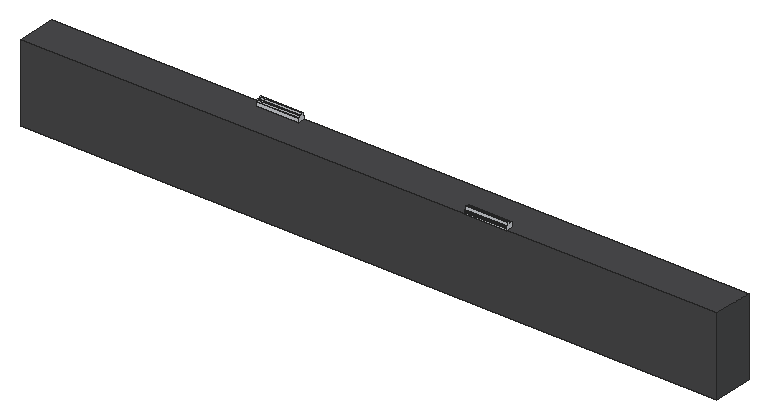
Revit family "DTM30W6.1.36", category Luminarias, Revit 2019
Family settings
  Cota de conector redondo = Diámetro de uso
  Tipo de pieza = Normal
  Se basa en plano de trabajo = Sí
  Siempre vertical = Sí
  Corte con vacíos al cargar = No
  Origen de luz = Sí
  Compartido = No
  Punto de cálculo de habitación = No
Parameters (values of type "RECTANGULAR DWN RIEL_DTM30W6.1.36")
  Ángulo de inclinación = 60.00°
  Zone [instance] = ""
  Watt per fixture = 15
  Wattage = 30.4 W
  built-in parameter 1150107 = 3000 (stored number, unit not read)
  built-in parameter 1150110 = 1 (stored number, unit not read)
  built-in parameter 1150109 = 1 (stored number, unit not read)
  built-in parameter 1150112 = 1 (stored number, unit not read)
  built-in parameter 1150113 = 1 (stored number, unit not read)
  built-in parameter 1114218 = 1 (stored number, unit not read)
  Keynote = ""
  built-in parameter 1150137 = (empty or 0)
  built-in parameter 1150132 = (empty or 0)
  Modelo = "DTM30W6.1.36"
  Lámpara = "3030SMD PHILIPS"
  built-in parameter 1150105 = 12785.8 (stored number, unit not read)
  built-in parameter 1150102 = (empty or 0)
  built-in parameter 1150106 = 127.86 (stored number, unit not read)
  Lumens = 2584 lm
  Color Filter = 16777215
  built-in parameter 1114217 = 1 (stored number, unit not read)
  built-in parameter 1150139 = (empty or 0)
  Fabricante = "BRILLANT"
  Default Elevation = 1219.2 mm
  built-in parameter 1150104 = 7.8968 (stored number, unit not read)
  Descripción = "LUMINARIA DOWNLIGHT EN FORMATO RECTANGULAR COMPATIBLE CON RIEL DE 6 ENTRADAS Y 3 CIRCUITOS, CUERPO DE ALUMINIO ACABADO EN COLOR NEGRO, IP 20, PESO 1.40Kg, TIPO DE LED 3030SMD PHILIPS CON 30.4W TOTAL, 1400 LUMENES, 85LM/W, IRC 90, TEMPERATURA EN BLANCO CALIDO 3000K, 50 MIL HORAS DE VIDA PROMEDIO, APERTURA DE 36 GRADOS POR PROYECTO, ALIMENTADO A 90-240V"
  built-in parameter 1150115 = 1 (stored number, unit not read)
  built-in parameter 1150114 = 1 (stored number, unit not read)
  Comentarios de vataje = "90-240V"
  built-in parameter 1150138 = (empty or 0)
  built-in parameter 1150134 = (empty or 0)
  Circuit [instance] = ""
  Dimming Lamp Color Temperature Shift = (empty or 0)
  Archivo de red fotométrica = "L646A-30W-830-B-36_IESNA95.IES"
  built-in parameter 1150133 = 10 (stored number, unit not read)
Reference planes
  plane 1 "Centro (Frontal/Posterior)": y = 0
  plane 2: z = 0
  plane 3 "Centro (Izquierda/Derecha)": x = 0
Forms (mm)
  Extrusion 1, solid, material "Default Form"
    sketch origin (0, 0, 0) x (1, 0, 0) y (0, 0, 1)
      loop
        line (-323, 0) -> (-323, -72) -> (323, -72) -> (323, 0) -> (-323, 0)
    from -18.326 to 18.326
  Extrusion 2, solid
    sketch origin (0, 0, 3.217) x (0, 1, 0) y (0, 0, 1)
      loop
        line (-12.149, -3.217) -> (-12.149, 0) -> (-12.935, 0) -> (-12.935, 1.637) -> (-13.796, 1.637) -> (-13.796, 0) -> (-14.582, 0) -> (-14.582, 0.811) -> (-15.443, 0.811) -> (-15.443, 0) -> (-16.233, 0) -> (-16.233, 2.691) -> (-17.279, 2.691) -> (-17.279, 0) -> (-18.061, 0) -> (-18.061, -0.861) -> (-17.162, -0.861) -> (-17.162, -2.042) -> (-18.326, -2.042) -> (-18.326, -3.217) -> (-12.149, -3.217)
    from 89.098 to 128.24
  Extrusion 3, solid
    sketch origin (0, 0, 3.217) x (0, -1, 0) y (0, 0, 1)
      loop
        line (-12.149, -3.217) -> (-12.149, 0) -> (-12.935, 0) -> (-12.935, 1.637) -> (-13.796, 1.637) -> (-13.796, 0) -> (-14.582, 0) -> (-14.582, 0.811) -> (-15.443, 0.811) -> (-15.443, 0) -> (-16.233, 0) -> (-16.233, 2.691) -> (-17.279, 2.691) -> (-17.279, 0) -> (-18.061, 0) -> (-18.061, -0.861) -> (-17.162, -0.861) -> (-17.162, -2.042) -> (-18.326, -2.042) -> (-18.326, -3.217) -> (-12.149, -3.217)
    from 89.098 to 128.24
  Blend 4, void
    base sketch origin (-142.93, 0, 0) x (1, 0, 0) y (0, 1, 0)
      loop
        line (-162, 16.149) -> (-162, -16.149) -> (-144.14, -16.149) -> (-144.14, 16.149) -> (-162, 16.149)
    top sketch origin (-142.93, 0, 0) x (1, 0, 0) y (0, 1, 0)
      loop
        line (-160, 12.149) -> (-160, -12.149) -> (-146.14, -12.149) -> (-146.14, 12.149) -> (-160, 12.149)
    from -72 to -61.591
  Blend 5, void
    base sketch origin (-115.93, 0, 0) x (1, 0, 0) y (0, 1, 0)
      loop
        line (-162, 16.149) -> (-162, -16.149) -> (-144.14, -16.149) -> (-144.14, 16.149) -> (-162, 16.149)
    top sketch origin (-115.93, 0, 0) x (1, 0, 0) y (0, 1, 0)
      loop
        line (-160, 12.149) -> (-160, -12.149) -> (-146.14, -12.149) -> (-146.14, 12.149) -> (-160, 12.149)
    from -72 to -61.591
  Blend 6, void
    base sketch origin (-88.93, 0, 0) x (1, 0, 0) y (0, 1, 0)
      loop
        line (-162, 16.149) -> (-162, -16.149) -> (-144.14, -16.149) -> (-144.14, 16.149) -> (-162, 16.149)
    top sketch origin (-88.93, 0, 0) x (1, 0, 0) y (0, 1, 0)
      loop
        line (-160, 12.149) -> (-160, -12.149) -> (-146.14, -12.149) -> (-146.14, 12.149) -> (-160, 12.149)
    from -72 to -61.591
  Blend 7, void
    base sketch origin (-61.93, 0, 0) x (1, 0, 0) y (0, 1, 0)
      loop
        line (-162, 16.149) -> (-162, -16.149) -> (-144.14, -16.149) -> (-144.14, 16.149) -> (-162, 16.149)
    top sketch origin (-61.93, 0, 0) x (1, 0, 0) y (0, 1, 0)
      loop
        line (-160, 12.149) -> (-160, -12.149) -> (-146.14, -12.149) -> (-146.14, 12.149) -> (-160, 12.149)
    from -72 to -61.591
  Blend 8, void
    base sketch origin (-34.93, 0, 0) x (1, 0, 0) y (0, 1, 0)
      loop
        line (-162, 16.149) -> (-162, -16.149) -> (-144.14, -16.149) -> (-144.14, 16.149) -> (-162, 16.149)
    top sketch origin (-34.93, 0, 0) x (1, 0, 0) y (0, 1, 0)
      loop
        line (-160, 12.149) -> (-160, -12.149) -> (-146.14, -12.149) -> (-146.14, 12.149) -> (-160, 12.149)
    from -72 to -61.591
  Blend 9, void
    base sketch origin (-7.93, 0, 0) x (1, 0, 0) y (0, 1, 0)
      loop
        line (-162, 16.149) -> (-162, -16.149) -> (-144.14, -16.149) -> (-144.14, 16.149) -> (-162, 16.149)
    top sketch origin (-7.93, 0, 0) x (1, 0, 0) y (0, 1, 0)
      loop
        line (-160, 12.149) -> (-160, -12.149) -> (-146.14, -12.149) -> (-146.14, 12.149) -> (-160, 12.149)
    from -72 to -61.591
  Blend 10, void
    base sketch origin (19.07, 0, 0) x (1, 0, 0) y (0, 1, 0)
      loop
        line (-162, 16.149) -> (-162, -16.149) -> (-144.14, -16.149) -> (-144.14, 16.149) -> (-162, 16.149)
    top sketch origin (19.07, 0, 0) x (1, 0, 0) y (0, 1, 0)
      loop
        line (-160, 12.149) -> (-160, -12.149) -> (-146.14, -12.149) -> (-146.14, 12.149) -> (-160, 12.149)
    from -72 to -61.591
  Blend 11, void
    base sketch origin (46.07, 0, 0) x (1, 0, 0) y (0, 1, 0)
      loop
        line (-162, 16.149) -> (-162, -16.149) -> (-144.14, -16.149) -> (-144.14, 16.149) -> (-162, 16.149)
    top sketch origin (46.07, 0, 0) x (1, 0, 0) y (0, 1, 0)
      loop
        line (-160, 12.149) -> (-160, -12.149) -> (-146.14, -12.149) -> (-146.14, 12.149) -> (-160, 12.149)
    from -72 to -61.591
  Blend 12, void
    base sketch origin (73.07, 0, 0) x (1, 0, 0) y (0, 1, 0)
      loop
        line (-162, 16.149) -> (-162, -16.149) -> (-144.14, -16.149) -> (-144.14, 16.149) -> (-162, 16.149)
    top sketch origin (73.07, 0, 0) x (1, 0, 0) y (0, 1, 0)
      loop
        line (-160, 12.149) -> (-160, -12.149) -> (-146.14, -12.149) -> (-146.14, 12.149) -> (-160, 12.149)
    from -72 to -61.591
  Blend 13, void
    base sketch origin (100.07, 0, 0) x (1, 0, 0) y (0, 1, 0)
      loop
        line (-162, 16.149) -> (-162, -16.149) -> (-144.14, -16.149) -> (-144.14, 16.149) -> (-162, 16.149)
    top sketch origin (100.07, 0, 0) x (1, 0, 0) y (0, 1, 0)
      loop
        line (-160, 12.149) -> (-160, -12.149) -> (-146.14, -12.149) -> (-146.14, 12.149) -> (-160, 12.149)
    from -72 to -61.591
  Blend 14, void
    base sketch origin (127.07, 0, 0) x (1, 0, 0) y (0, 1, 0)
      loop
        line (-162, 16.149) -> (-162, -16.149) -> (-144.14, -16.149) -> (-144.14, 16.149) -> (-162, 16.149)
    top sketch origin (127.07, 0, 0) x (1, 0, 0) y (0, 1, 0)
      loop
        line (-160, 12.149) -> (-160, -12.149) -> (-146.14, -12.149) -> (-146.14, 12.149) -> (-160, 12.149)
    from -72 to -61.591
  Blend 15, void
    base sketch origin (154.07, 0, 0) x (1, 0, 0) y (0, 1, 0)
      loop
        line (-162, 16.149) -> (-162, -16.149) -> (-144.14, -16.149) -> (-144.14, 16.149) -> (-162, 16.149)
    top sketch origin (154.07, 0, 0) x (1, 0, 0) y (0, 1, 0)
      loop
        line (-160, 12.149) -> (-160, -12.149) -> (-146.14, -12.149) -> (-146.14, 12.149) -> (-160, 12.149)
    from -72 to -61.591
  Blend 16, void
    base sketch origin (181.07, 0, 0) x (1, 0, 0) y (0, 1, 0)
      loop
        line (-162, 16.149) -> (-162, -16.149) -> (-144.14, -16.149) -> (-144.14, 16.149) -> (-162, 16.149)
    top sketch origin (181.07, 0, 0) x (1, 0, 0) y (0, 1, 0)
      loop
        line (-160, 12.149) -> (-160, -12.149) -> (-146.14, -12.149) -> (-146.14, 12.149) -> (-160, 12.149)
    from -72 to -61.591
  Blend 17, void
    base sketch origin (208.07, 0, 0) x (1, 0, 0) y (0, 1, 0)
      loop
        line (-162, 16.149) -> (-162, -16.149) -> (-144.14, -16.149) -> (-144.14, 16.149) -> (-162, 16.149)
    top sketch origin (208.07, 0, 0) x (1, 0, 0) y (0, 1, 0)
      loop
        line (-160, 12.149) -> (-160, -12.149) -> (-146.14, -12.149) -> (-146.14, 12.149) -> (-160, 12.149)
    from -72 to -61.591
  Blend 18, void
    base sketch origin (235.07, 0, 0) x (1, 0, 0) y (0, 1, 0)
      loop
        line (-162, 16.149) -> (-162, -16.149) -> (-144.14, -16.149) -> (-144.14, 16.149) -> (-162, 16.149)
    top sketch origin (235.07, 0, 0) x (1, 0, 0) y (0, 1, 0)
      loop
        line (-160, 12.149) -> (-160, -12.149) -> (-146.14, -12.149) -> (-146.14, 12.149) -> (-160, 12.149)
    from -72 to -61.591
  Blend 19, void
    base sketch origin (262.07, 0, 0) x (1, 0, 0) y (0, 1, 0)
      loop
        line (-162, 16.149) -> (-162, -16.149) -> (-144.14, -16.149) -> (-144.14, 16.149) -> (-162, 16.149)
    top sketch origin (262.07, 0, 0) x (1, 0, 0) y (0, 1, 0)
      loop
        line (-160, 12.149) -> (-160, -12.149) -> (-146.14, -12.149) -> (-146.14, 12.149) -> (-160, 12.149)
    from -72 to -61.591
  Blend 20, void
    base sketch origin (289.07, 0, 0) x (1, 0, 0) y (0, 1, 0)
      loop
        line (-162, 16.149) -> (-162, -16.149) -> (-144.14, -16.149) -> (-144.14, 16.149) -> (-162, 16.149)
    top sketch origin (289.07, 0, 0) x (1, 0, 0) y (0, 1, 0)
      loop
        line (-160, 12.149) -> (-160, -12.149) -> (-146.14, -12.149) -> (-146.14, 12.149) -> (-160, 12.149)
    from -72 to -61.591
  Blend 21, void
    base sketch origin (316.07, 0, 0) x (1, 0, 0) y (0, 1, 0)
      loop
        line (-162, 16.149) -> (-162, -16.149) -> (-144.14, -16.149) -> (-144.14, 16.149) -> (-162, 16.149)
    top sketch origin (316.07, 0, 0) x (1, 0, 0) y (0, 1, 0)
      loop
        line (-160, 12.149) -> (-160, -12.149) -> (-146.14, -12.149) -> (-146.14, 12.149) -> (-160, 12.149)
    from -72 to -61.591
  Blend 22, void
    base sketch origin (343.07, 0, 0) x (1, 0, 0) y (0, 1, 0)
      loop
        line (-162, 16.149) -> (-162, -16.149) -> (-144.14, -16.149) -> (-144.14, 16.149) -> (-162, 16.149)
    top sketch origin (343.07, 0, 0) x (1, 0, 0) y (0, 1, 0)
      loop
        line (-160, 12.149) -> (-160, -12.149) -> (-146.14, -12.149) -> (-146.14, 12.149) -> (-160, 12.149)
    from -72 to -61.591
  Blend 23, void
    base sketch origin (370.07, 0, 0) x (1, 0, 0) y (0, 1, 0)
      loop
        line (-162, 16.149) -> (-162, -16.149) -> (-144.14, -16.149) -> (-144.14, 16.149) -> (-162, 16.149)
    top sketch origin (370.07, 0, 0) x (1, 0, 0) y (0, 1, 0)
      loop
        line (-160, 12.149) -> (-160, -12.149) -> (-146.14, -12.149) -> (-146.14, 12.149) -> (-160, 12.149)
    from -72 to -61.591
  Blend 24, void
    base sketch origin (397.07, 0, 0) x (1, 0, 0) y (0, 1, 0)
      loop
        line (-162, 16.149) -> (-162, -16.149) -> (-144.14, -16.149) -> (-144.14, 16.149) -> (-162, 16.149)
    top sketch origin (397.07, 0, 0) x (1, 0, 0) y (0, 1, 0)
      loop
        line (-160, 12.149) -> (-160, -12.149) -> (-146.14, -12.149) -> (-146.14, 12.149) -> (-160, 12.149)
    from -72 to -61.591
  Blend 25, void
    base sketch origin (424.07, 0, 0) x (1, 0, 0) y (0, 1, 0)
      loop
        line (-162, 16.149) -> (-162, -16.149) -> (-144.14, -16.149) -> (-144.14, 16.149) -> (-162, 16.149)
    top sketch origin (424.07, 0, 0) x (1, 0, 0) y (0, 1, 0)
      loop
        line (-160, 12.149) -> (-160, -12.149) -> (-146.14, -12.149) -> (-146.14, 12.149) -> (-160, 12.149)
    from -72 to -61.591
  Blend 26, void
    base sketch origin (451.07, 0, 0) x (1, 0, 0) y (0, 1, 0)
      loop
        line (-162, 16.149) -> (-162, -16.149) -> (-144.14, -16.149) -> (-144.14, 16.149) -> (-162, 16.149)
    top sketch origin (451.07, 0, 0) x (1, 0, 0) y (0, 1, 0)
      loop
        line (-160, 12.149) -> (-160, -12.149) -> (-146.14, -12.149) -> (-146.14, 12.149) -> (-160, 12.149)
    from -72 to -61.591
Cuts and joins
  Blend 4, Blend 5, Blend 6, Blend 7, Blend 8, Blend 9, Blend 10, Blend 11, Blend 12, Blend 13, Blend 14, Blend 15, Blend 16, Blend 17, Blend 18, Blend 19, Blend 20, Blend 21, Blend 22, Blend 23, Blend 24, Blend 25, Blend 26 cuts Extrusion 1
Dimensions and locks
  equal spacing: Extrusion 1, plane 1 "Centro (Frontal/Posterior)", Extrusion 1
  Extrusion 1 to plane 1 "Centro (Frontal/Posterior)" = 18.326 mm
  Extrusion 1 to Extrusion 1 = 36.651 mm
  Extrusion 1 to Extrusion 1 = 72 mm
  Extrusion 1 to Extrusion 1 = 646 mm
  cut or joined group 1 (Extrusion 1, Blend 4, Blend 5, Blend 6, Blend 7, Blend 8, Blend 9, Blend 10, Blend 11, Blend 12, Blend 13, Blend 14, Blend 15, Blend 16, Blend 17, Blend 18, Blend 19, Blend 20, Blend 21, Blend 22, Blend 23, Blend 24, Blend 25, Blend 26) to cut or joined group 1 = 72 mm
  cut or joined group 1 to cut or joined group 1 = 36.651 mm
  cut or joined group 1 to cut or joined group 1 = 646 mm
  equal spacing: cut or joined group 1, plane 1 "Centro (Frontal/Posterior)", cut or joined group 1
  aligned and locked: level to plane 2
Automatic sketch dimensions
  Extrusion 1 sketch curve to level = 0 mm
  Extrusion 1 sketch curve to level = 72 mm
  Extrusion 1 sketch curve to plane 3 "Centro (Izquierda/Derecha)" = 323 mm
  plane 3 "Centro (Izquierda/Derecha)" to Extrusion 1 sketch curve = 323 mm
  Extrusion 2 sketch curve to level = 0 mm
  level to Extrusion 2 sketch curve = 1.175 mm
  plane 1 "Centro (Frontal/Posterior)" to Extrusion 2 sketch curve = 18.326 mm
  Extrusion 2 sketch curve to Extrusion 2 sketch curve = 0.265 mm
  Extrusion 2 sketch curve to Extrusion 2 sketch curve = 0.782 mm
  Extrusion 2 sketch curve to Extrusion 2 sketch curve = 1.164 mm
  Extrusion 2 sketch curve to Extrusion 2 sketch curve = 1.046 mm
  Extrusion 2 sketch curve to Extrusion 2 sketch curve = 0.789 mm
  Extrusion 2 sketch curve to Extrusion 2 sketch curve = 0.861 mm  (x3)
  Extrusion 2 sketch curve to Extrusion 2 sketch curve = 0.786 mm
  Extrusion 2 sketch curve to Extrusion 2 sketch curve = 0.785 mm
  Extrusion 2 sketch curve to Extrusion 2 sketch curve = 1.181 mm
  level to Extrusion 2 sketch curve = 3.217 mm
  Extrusion 2 sketch curve to Extrusion 2 sketch curve = 0 mm  (x2)
  Extrusion 2 sketch curve to Extrusion 2 sketch curve = 0.811 mm
  Extrusion 2 sketch curve to Extrusion 2 sketch curve = 0.826 mm
  Extrusion 2 sketch curve to Extrusion 2 sketch curve = 1.88 mm
  Extrusion 3 sketch curve to level = 0 mm
  level to Extrusion 3 sketch curve = 1.175 mm
  Extrusion 3 sketch curve to plane 1 "Centro (Frontal/Posterior)" = 18.326 mm
  Extrusion 3 sketch curve to Extrusion 3 sketch curve = 0.265 mm
  Extrusion 3 sketch curve to Extrusion 3 sketch curve = 0.782 mm
  Extrusion 3 sketch curve to Extrusion 3 sketch curve = 1.164 mm
  Extrusion 3 sketch curve to Extrusion 3 sketch curve = 1.046 mm
  Extrusion 3 sketch curve to Extrusion 3 sketch curve = 0.789 mm
  Extrusion 3 sketch curve to Extrusion 3 sketch curve = 0.861 mm  (x3)
  Extrusion 3 sketch curve to Extrusion 3 sketch curve = 0.786 mm
  Extrusion 3 sketch curve to Extrusion 3 sketch curve = 0.785 mm
  Extrusion 3 sketch curve to Extrusion 3 sketch curve = 1.181 mm
  level to Extrusion 3 sketch curve = 3.217 mm
  Extrusion 3 sketch curve to Extrusion 3 sketch curve = 0 mm  (x2)
  Extrusion 3 sketch curve to Extrusion 3 sketch curve = 0.811 mm
  Extrusion 3 sketch curve to Extrusion 3 sketch curve = 0.826 mm
  Extrusion 3 sketch curve to Extrusion 3 sketch curve = 1.88 mm
  Blend 4 sketch curve to plane 1 "Centro (Frontal/Posterior)" = 16.149 mm
  Blend 4 sketch curve to plane 3 "Centro (Izquierda/Derecha)" = 304.93 mm
  Blend 4 sketch curve to Blend 4 sketch curve = 17.86 mm
  plane 1 "Centro (Frontal/Posterior)" to Blend 4 sketch curve = 16.149 mm
  Blend 4 sketch curve to plane 1 "Centro (Frontal/Posterior)" = 12.149 mm
  Blend 4 sketch curve to plane 3 "Centro (Izquierda/Derecha)" = 302.93 mm
  Blend 4 sketch curve to Blend 4 sketch curve = 13.86 mm
  plane 1 "Centro (Frontal/Posterior)" to Blend 4 sketch curve = 12.149 mm
  Blend 5 sketch curve to Blend 5 sketch curve = 17.86 mm
  Blend 5 sketch curve to Blend 5 sketch curve = 13.86 mm
  Blend 5 sketch curve to Blend 5 sketch curve = 32.298 mm
  Blend 5 sketch curve to Blend 5 sketch curve = 24.298 mm
  Blend 6 sketch curve to Blend 6 sketch curve = 17.86 mm
  Blend 6 sketch curve to Blend 6 sketch curve = 13.86 mm
  Blend 6 sketch curve to Blend 6 sketch curve = 32.298 mm
  Blend 6 sketch curve to Blend 6 sketch curve = 24.298 mm
  Blend 7 sketch curve to Blend 7 sketch curve = 17.86 mm
  Blend 7 sketch curve to Blend 7 sketch curve = 13.86 mm
  Blend 7 sketch curve to Blend 7 sketch curve = 32.298 mm
  Blend 7 sketch curve to Blend 7 sketch curve = 24.298 mm
  Blend 8 sketch curve to Blend 8 sketch curve = 17.86 mm
  Blend 8 sketch curve to Blend 8 sketch curve = 13.86 mm
  Blend 8 sketch curve to Blend 8 sketch curve = 32.298 mm
  Blend 8 sketch curve to Blend 8 sketch curve = 24.298 mm
  Blend 9 sketch curve to Blend 9 sketch curve = 17.86 mm
  Blend 9 sketch curve to Blend 9 sketch curve = 13.86 mm
  Blend 9 sketch curve to Blend 9 sketch curve = 32.298 mm
  Blend 9 sketch curve to Blend 9 sketch curve = 24.298 mm
  Blend 10 sketch curve to Blend 10 sketch curve = 17.86 mm
  Blend 10 sketch curve to Blend 10 sketch curve = 13.86 mm
  Blend 10 sketch curve to Blend 10 sketch curve = 32.298 mm
  Blend 10 sketch curve to Blend 10 sketch curve = 24.298 mm
  Blend 11 sketch curve to Blend 11 sketch curve = 17.86 mm
  Blend 11 sketch curve to Blend 11 sketch curve = 13.86 mm
  Blend 11 sketch curve to Blend 11 sketch curve = 32.298 mm
  Blend 11 sketch curve to Blend 11 sketch curve = 24.298 mm
  Blend 12 sketch curve to Blend 12 sketch curve = 17.86 mm
  Blend 12 sketch curve to Blend 12 sketch curve = 13.86 mm
  Blend 12 sketch curve to Blend 12 sketch curve = 32.298 mm
  Blend 12 sketch curve to Blend 12 sketch curve = 24.298 mm
  Blend 13 sketch curve to Blend 13 sketch curve = 17.86 mm
  Blend 13 sketch curve to Blend 13 sketch curve = 13.86 mm
  Blend 13 sketch curve to Blend 13 sketch curve = 32.298 mm
  Blend 13 sketch curve to Blend 13 sketch curve = 24.298 mm
  Blend 14 sketch curve to Blend 14 sketch curve = 17.86 mm
  Blend 14 sketch curve to Blend 14 sketch curve = 13.86 mm
  Blend 14 sketch curve to Blend 14 sketch curve = 32.298 mm
  Blend 14 sketch curve to Blend 14 sketch curve = 24.298 mm
  Blend 15 sketch curve to Blend 15 sketch curve = 17.86 mm
  Blend 15 sketch curve to Blend 15 sketch curve = 13.86 mm
  Blend 15 sketch curve to Blend 15 sketch curve = 32.298 mm
  Blend 15 sketch curve to Blend 15 sketch curve = 24.298 mm
  Blend 16 sketch curve to Blend 16 sketch curve = 17.86 mm
  Blend 16 sketch curve to Blend 16 sketch curve = 13.86 mm
  Blend 16 sketch curve to Blend 16 sketch curve = 32.298 mm
  Blend 16 sketch curve to Blend 16 sketch curve = 24.298 mm
  Blend 17 sketch curve to Blend 17 sketch curve = 17.86 mm
  Blend 17 sketch curve to Blend 17 sketch curve = 13.86 mm
  Blend 17 sketch curve to Blend 17 sketch curve = 32.298 mm
  Blend 17 sketch curve to Blend 17 sketch curve = 24.298 mm
  Blend 18 sketch curve to Blend 18 sketch curve = 17.86 mm
  Blend 18 sketch curve to Blend 18 sketch curve = 13.86 mm
  Blend 18 sketch curve to Blend 18 sketch curve = 32.298 mm
  Blend 18 sketch curve to Blend 18 sketch curve = 24.298 mm
  Blend 19 sketch curve to Blend 19 sketch curve = 17.86 mm
  Blend 19 sketch curve to Blend 19 sketch curve = 13.86 mm
  Blend 19 sketch curve to Blend 19 sketch curve = 32.298 mm
  Blend 19 sketch curve to Blend 19 sketch curve = 24.298 mm
  Blend 20 sketch curve to Blend 20 sketch curve = 17.86 mm
  Blend 20 sketch curve to Blend 20 sketch curve = 13.86 mm
  Blend 20 sketch curve to Blend 20 sketch curve = 32.298 mm
  Blend 20 sketch curve to Blend 20 sketch curve = 24.298 mm
  Blend 21 sketch curve to Blend 21 sketch curve = 17.86 mm
  Blend 21 sketch curve to Blend 21 sketch curve = 13.86 mm
  Blend 21 sketch curve to Blend 21 sketch curve = 32.298 mm
  Blend 21 sketch curve to Blend 21 sketch curve = 24.298 mm
  Blend 22 sketch curve to Blend 22 sketch curve = 17.86 mm
  Blend 22 sketch curve to Blend 22 sketch curve = 13.86 mm
  Blend 22 sketch curve to Blend 22 sketch curve = 32.298 mm
  Blend 22 sketch curve to Blend 22 sketch curve = 24.298 mm
  Blend 23 sketch curve to Blend 23 sketch curve = 17.86 mm
  Blend 23 sketch curve to Blend 23 sketch curve = 13.86 mm
  Blend 23 sketch curve to Blend 23 sketch curve = 32.298 mm
  Blend 23 sketch curve to Blend 23 sketch curve = 24.298 mm
  Blend 24 sketch curve to Blend 24 sketch curve = 17.86 mm
  Blend 24 sketch curve to Blend 24 sketch curve = 13.86 mm
  Blend 24 sketch curve to Blend 24 sketch curve = 32.298 mm
  Blend 24 sketch curve to Blend 24 sketch curve = 24.298 mm
  Blend 25 sketch curve to Blend 25 sketch curve = 17.86 mm
  Blend 25 sketch curve to Blend 25 sketch curve = 13.86 mm
  Blend 25 sketch curve to Blend 25 sketch curve = 32.298 mm
  Blend 25 sketch curve to Blend 25 sketch curve = 24.298 mm
  Blend 26 sketch curve to Blend 26 sketch curve = 17.86 mm
  Blend 26 sketch curve to Blend 26 sketch curve = 13.86 mm
  Blend 26 sketch curve to Blend 26 sketch curve = 32.298 mm
  Blend 26 sketch curve to Blend 26 sketch curve = 24.298 mm
  Blend 5 sketch curve to plane 1 "Centro (Frontal/Posterior)" = 16.149 mm
  Blend 5 sketch curve to plane 3 "Centro (Izquierda/Derecha)" = 277.93 mm
  Blend 5 sketch curve to plane 1 "Centro (Frontal/Posterior)" = 12.149 mm
  Blend 5 sketch curve to plane 3 "Centro (Izquierda/Derecha)" = 275.93 mm
  Blend 6 sketch curve to plane 1 "Centro (Frontal/Posterior)" = 16.149 mm
  Blend 6 sketch curve to plane 3 "Centro (Izquierda/Derecha)" = 250.93 mm
  Blend 6 sketch curve to plane 1 "Centro (Frontal/Posterior)" = 12.149 mm
  Blend 6 sketch curve to plane 3 "Centro (Izquierda/Derecha)" = 248.93 mm
  Blend 7 sketch curve to plane 1 "Centro (Frontal/Posterior)" = 16.149 mm
  Blend 7 sketch curve to plane 3 "Centro (Izquierda/Derecha)" = 223.93 mm
  Blend 7 sketch curve to plane 1 "Centro (Frontal/Posterior)" = 12.149 mm
  Blend 7 sketch curve to plane 3 "Centro (Izquierda/Derecha)" = 221.93 mm
  Blend 8 sketch curve to plane 1 "Centro (Frontal/Posterior)" = 16.149 mm
  Blend 8 sketch curve to plane 3 "Centro (Izquierda/Derecha)" = 196.93 mm
  Blend 8 sketch curve to plane 1 "Centro (Frontal/Posterior)" = 12.149 mm
  Blend 8 sketch curve to plane 3 "Centro (Izquierda/Derecha)" = 194.93 mm
  Blend 9 sketch curve to plane 1 "Centro (Frontal/Posterior)" = 16.149 mm
  Blend 9 sketch curve to plane 3 "Centro (Izquierda/Derecha)" = 169.93 mm
  Blend 9 sketch curve to plane 1 "Centro (Frontal/Posterior)" = 12.149 mm
  Blend 9 sketch curve to plane 3 "Centro (Izquierda/Derecha)" = 167.93 mm
  Blend 10 sketch curve to plane 1 "Centro (Frontal/Posterior)" = 16.149 mm
  Blend 10 sketch curve to plane 3 "Centro (Izquierda/Derecha)" = 142.93 mm
  Blend 10 sketch curve to plane 1 "Centro (Frontal/Posterior)" = 12.149 mm
  Blend 10 sketch curve to plane 3 "Centro (Izquierda/Derecha)" = 140.93 mm
  Blend 11 sketch curve to plane 1 "Centro (Frontal/Posterior)" = 16.149 mm
  Blend 11 sketch curve to plane 3 "Centro (Izquierda/Derecha)" = 115.93 mm
  Blend 11 sketch curve to plane 1 "Centro (Frontal/Posterior)" = 12.149 mm
  Blend 11 sketch curve to plane 3 "Centro (Izquierda/Derecha)" = 113.93 mm
  Blend 12 sketch curve to plane 1 "Centro (Frontal/Posterior)" = 16.149 mm
  Blend 12 sketch curve to plane 3 "Centro (Izquierda/Derecha)" = 88.93 mm
  Blend 12 sketch curve to plane 1 "Centro (Frontal/Posterior)" = 12.149 mm
  Blend 12 sketch curve to plane 3 "Centro (Izquierda/Derecha)" = 86.93 mm
  Blend 13 sketch curve to plane 1 "Centro (Frontal/Posterior)" = 16.149 mm
  Blend 13 sketch curve to plane 3 "Centro (Izquierda/Derecha)" = 61.93 mm
  Blend 13 sketch curve to plane 1 "Centro (Frontal/Posterior)" = 12.149 mm
  Blend 13 sketch curve to plane 3 "Centro (Izquierda/Derecha)" = 59.93 mm
  Blend 14 sketch curve to plane 1 "Centro (Frontal/Posterior)" = 16.149 mm
  Blend 14 sketch curve to plane 3 "Centro (Izquierda/Derecha)" = 34.93 mm
  Blend 14 sketch curve to plane 1 "Centro (Frontal/Posterior)" = 12.149 mm
  Blend 14 sketch curve to plane 3 "Centro (Izquierda/Derecha)" = 32.93 mm
  Blend 15 sketch curve to plane 3 "Centro (Izquierda/Derecha)" = 7.93 mm
  plane 1 "Centro (Frontal/Posterior)" to Blend 15 sketch curve = 16.149 mm
  Blend 15 sketch curve to plane 3 "Centro (Izquierda/Derecha)" = 5.93 mm
  plane 1 "Centro (Frontal/Posterior)" to Blend 15 sketch curve = 12.149 mm
  plane 3 "Centro (Izquierda/Derecha)" to Blend 16 sketch curve = 19.07 mm
  plane 1 "Centro (Frontal/Posterior)" to Blend 16 sketch curve = 16.149 mm
  plane 3 "Centro (Izquierda/Derecha)" to Blend 16 sketch curve = 21.07 mm
  plane 1 "Centro (Frontal/Posterior)" to Blend 16 sketch curve = 12.149 mm
  Blend 17 sketch curve to plane 1 "Centro (Frontal/Posterior)" = 16.149 mm
  plane 3 "Centro (Izquierda/Derecha)" to Blend 17 sketch curve = 46.07 mm
  Blend 17 sketch curve to plane 1 "Centro (Frontal/Posterior)" = 12.149 mm
  plane 3 "Centro (Izquierda/Derecha)" to Blend 17 sketch curve = 48.07 mm
  Blend 18 sketch curve to plane 1 "Centro (Frontal/Posterior)" = 16.149 mm
  plane 3 "Centro (Izquierda/Derecha)" to Blend 18 sketch curve = 73.07 mm
  Blend 18 sketch curve to plane 1 "Centro (Frontal/Posterior)" = 12.149 mm
  plane 3 "Centro (Izquierda/Derecha)" to Blend 18 sketch curve = 75.07 mm
  Blend 19 sketch curve to plane 1 "Centro (Frontal/Posterior)" = 16.149 mm
  plane 3 "Centro (Izquierda/Derecha)" to Blend 19 sketch curve = 100.07 mm
  Blend 19 sketch curve to plane 1 "Centro (Frontal/Posterior)" = 12.149 mm
  plane 3 "Centro (Izquierda/Derecha)" to Blend 19 sketch curve = 102.07 mm
  Blend 20 sketch curve to plane 1 "Centro (Frontal/Posterior)" = 16.149 mm
  plane 3 "Centro (Izquierda/Derecha)" to Blend 20 sketch curve = 127.07 mm
  Blend 20 sketch curve to plane 1 "Centro (Frontal/Posterior)" = 12.149 mm
  plane 3 "Centro (Izquierda/Derecha)" to Blend 20 sketch curve = 129.07 mm
  Blend 21 sketch curve to plane 1 "Centro (Frontal/Posterior)" = 16.149 mm
  plane 3 "Centro (Izquierda/Derecha)" to Blend 21 sketch curve = 154.07 mm
  Blend 21 sketch curve to plane 1 "Centro (Frontal/Posterior)" = 12.149 mm
  plane 3 "Centro (Izquierda/Derecha)" to Blend 21 sketch curve = 156.07 mm
  Blend 22 sketch curve to plane 1 "Centro (Frontal/Posterior)" = 16.149 mm
  plane 3 "Centro (Izquierda/Derecha)" to Blend 22 sketch curve = 181.07 mm
  Blend 22 sketch curve to plane 1 "Centro (Frontal/Posterior)" = 12.149 mm
  plane 3 "Centro (Izquierda/Derecha)" to Blend 22 sketch curve = 183.07 mm
  Blend 23 sketch curve to plane 1 "Centro (Frontal/Posterior)" = 16.149 mm
  plane 3 "Centro (Izquierda/Derecha)" to Blend 23 sketch curve = 208.07 mm
  Blend 23 sketch curve to plane 1 "Centro (Frontal/Posterior)" = 12.149 mm
  plane 3 "Centro (Izquierda/Derecha)" to Blend 23 sketch curve = 210.07 mm
  Blend 24 sketch curve to plane 1 "Centro (Frontal/Posterior)" = 16.149 mm
  plane 3 "Centro (Izquierda/Derecha)" to Blend 24 sketch curve = 235.07 mm
  Blend 24 sketch curve to plane 1 "Centro (Frontal/Posterior)" = 12.149 mm
  plane 3 "Centro (Izquierda/Derecha)" to Blend 24 sketch curve = 237.07 mm
  Blend 25 sketch curve to plane 1 "Centro (Frontal/Posterior)" = 16.149 mm
  plane 3 "Centro (Izquierda/Derecha)" to Blend 25 sketch curve = 262.07 mm
  Blend 25 sketch curve to plane 1 "Centro (Frontal/Posterior)" = 12.149 mm
  plane 3 "Centro (Izquierda/Derecha)" to Blend 25 sketch curve = 264.07 mm
  Blend 26 sketch curve to plane 1 "Centro (Frontal/Posterior)" = 16.149 mm
  plane 3 "Centro (Izquierda/Derecha)" to Blend 26 sketch curve = 289.07 mm
  Blend 26 sketch curve to plane 1 "Centro (Frontal/Posterior)" = 12.149 mm
  plane 3 "Centro (Izquierda/Derecha)" to Blend 26 sketch curve = 291.07 mm
Connectors
  electrical at (0, 0, 0)
    settings: on cut or joined group 1, index 1, voltage 240 V, apparent load 0 VA, apparent load phase1 0 VA, apparent load phase2 0 VA, apparent load phase3 0 VA, power factor 1, load classification "Otro", number of poles 1, system type 31, power factor state 1, is connector primary yes, connector utility no, sub classification motor no, connector description ""
